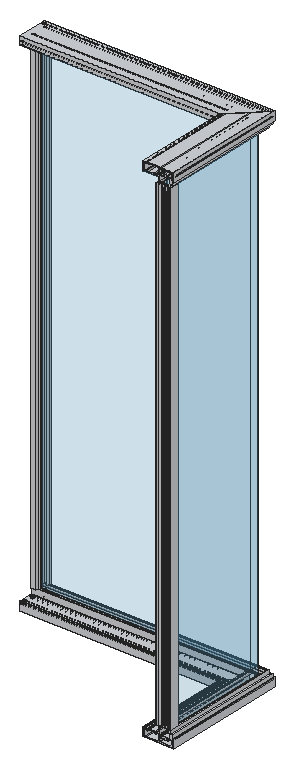
Revit family "Edge F Corner", category Windows, host Wall, Revit 2019 (continued)
Definition of nested family "Jamb"
  Automatic sketch dimensions
    Extrusion 1 sketch curve to Extrusion 1 sketch curve = 0' - 0.155"
    Extrusion 1 sketch curve to Extrusion 1 sketch curve = 0' - 0 1/4"
    Extrusion 1 sketch curve to Extrusion 1 sketch curve = 0' - 0.01689"
    Extrusion 1 sketch curve to Extrusion 1 sketch curve = 0' - 0.01311"
    Extrusion 1 sketch curve to Extrusion 1 sketch curve = 0' - 0.08201"
    Extrusion 1 sketch curve to Extrusion 1 sketch curve = 0' - 0.10549"
    Extrusion 1 sketch curve to Extrusion 1 sketch curve = 0' - 0.09391"
    Extrusion 1 sketch curve to Extrusion 1 sketch curve = 0' - 0.06234"
    Extrusion 1 sketch curve to Extrusion 1 sketch curve = 0' - 0.01438"
    Extrusion 1 sketch curve to Extrusion 1 sketch curve = 0' - 0.2825"
    Extrusion 1 sketch curve to Extrusion 1 sketch curve = 0' - 0.02164"  (x2)
    Extrusion 1 sketch curve to Extrusion 1 sketch curve = 0' - 0"  (x4)
    plane 1 "Center (Front/Back)" to Filled region 1 sketch curve = 4' - 4.94511"
    Filled region 1 sketch curve to plane 3 "Center (Left/Right)" = 37' - 4.69826"
    Filled region 1 sketch curve to Filled region 1 sketch curve = 0' - 0.04969"  (x3)
    Filled region 1 sketch curve to Filled region 1 sketch curve = 0' - 0.15161"  (x2)
    plane 1 "Center (Front/Back)" to Filled region 1 sketch curve = 4' - 4.86431"  (x2)
    Filled region 1 sketch curve to Filled region 1 sketch curve = 0' - 0.04419"  (x6)
    plane 1 "Center (Front/Back)" to Filled region 1 sketch curve = 4' - 4.77592"  (x2)
    Filled region 1 sketch curve to Filled region 1 sketch curve = 0' - 0.08839"  (x2)
    Filled region 1 sketch curve to Filled region 1 sketch curve = 0' - 0.03661"  (x2)
    Filled region 1 sketch curve to Filled region 1 sketch curve = 0' - 0 3/16"  (x4)
    Filled region 1 sketch curve to Filled region 1 sketch curve = 0' - 0"  (x2)
    Filled region 1 sketch curve to Filled region 1 sketch curve = 0' - 0.14331"  (x2)
    Filled region 1 sketch curve to Filled region 1 sketch curve = 0' - 1 1/2"
    Filled region 1 sketch curve to Filled region 1 sketch curve = 0' - 0.25035"
    Filled region 1 sketch curve to Filled region 1 sketch curve = 0' - 0 1/16"
    plane 1 "Center (Front/Back)" to Filled region 2 sketch curve = 4' - 5.00761"
    Filled region 2 sketch curve to plane 3 "Center (Left/Right)" = 37' - 4.28357"
    Filled region 2 sketch curve to Filled region 2 sketch curve = 0' - 0 3/4"
    Filled region 2 sketch curve to Filled region 2 sketch curve = 0' - 0 1/4"
    plane 1 "Center (Front/Back)" to Filled region 3 sketch curve = 3' - 5.331"
    Filled region 3 sketch curve to plane 3 "Center (Left/Right)" = 37' - 8.3949"
    Filled region 3 sketch curve to Filled region 3 sketch curve = 0' - 1 1/4"
    Filled region 3 sketch curve to Filled region 3 sketch curve = 0' - 0.1525"
    Filled region 3 sketch curve to Filled region 3 sketch curve = 0' - 0.345"
    Filled region 3 sketch curve to Filled region 3 sketch curve = 0' - 0.03"
    Filled region 3 sketch curve to Filled region 3 sketch curve = 0' - 0.5325"
    Filled region 3 sketch curve to Filled region 3 sketch curve = 0' - 0 1/2"
    Filled region 3 sketch curve to Filled region 3 sketch curve = 0' - 1.5275"
    plane 1 "Center (Front/Back)" to Filled region 4 sketch curve = 3' - 1.706"
    Filled region 4 sketch curve to plane 3 "Center (Left/Right)" = 37' - 8.3949"
    Filled region 4 sketch curve to Filled region 4 sketch curve = 0' - 1.4025"
    Filled region 4 sketch curve to Filled region 4 sketch curve = 0' - 0.29179"
    Filled region 4 sketch curve to Filled region 4 sketch curve = 0' - 0"
    Filled region 4 sketch curve to Filled region 4 sketch curve = 0' - 0.03321"  (x3)
    plane 1 "Center (Front/Back)" to Filled region 4 sketch curve = 3' - 1.15815"
    Filled region 4 sketch curve to Filled region 4 sketch curve = 0' - 0.03536"
    plane 1 "Center (Front/Back)" to Filled region 4 sketch curve = 3' - 1.19136"
    Filled region 4 sketch curve to Filled region 4 sketch curve = 0' - 0.05"
    Filled region 4 sketch curve to Filled region 4 sketch curve = 0' - 1 15/16"
    plane 1 "Center (Front/Back)" to Filled region 5 sketch curve = 3' - 5.331"
    Filled region 5 sketch curve to plane 3 "Center (Left/Right)" = 37' - 4.4924"
    Filled region 5 sketch curve to Filled region 5 sketch curve = 0' - 2.6525"
    Filled region 5 sketch curve to Filled region 5 sketch curve = 0' - 1 3/4"
    Filled region 5 sketch curve to Filled region 5 sketch curve = 0' - 1"
    Filled region 5 sketch curve to Filled region 5 sketch curve = 0' - 1.59"
    plane 1 "Center (Front/Back)" to Filled region 6 sketch curve = 3' - 5.331"
    Filled region 6 sketch curve to plane 3 "Center (Left/Right)" = 36' - 9.59816"
    Filled region 6 sketch curve to Filled region 6 sketch curve = 0' - 1 1/8"
    Filled region 6 sketch curve to Filled region 6 sketch curve = 0' - 0.1525"
    Filled region 6 sketch curve to Filled region 6 sketch curve = 0' - 0.345"
    Filled region 6 sketch curve to Filled region 6 sketch curve = 0' - 0"
    plane 1 "Center (Front/Back)" to Filled region 6 sketch curve = 3' - 5.8635"
    Filled region 6 sketch curve to Filled region 6 sketch curve = 0' - 0.03"  (x2)
    Filled region 6 sketch curve to Filled region 6 sketch curve = 0' - 0 1/2"
    Filled region 6 sketch curve to Filled region 6 sketch curve = 0' - 0.6525"
    plane 1 "Center (Front/Back)" to Filled region 7 sketch curve = 2' - 11.206"
    Filled region 7 sketch curve to plane 3 "Center (Left/Right)" = 36' - 9.59816"
    Filled region 7 sketch curve to Filled region 7 sketch curve = 0' - 1.2775"
    Filled region 7 sketch curve to Filled region 7 sketch curve = 0' - 0.345"
    Filled region 7 sketch curve to Filled region 7 sketch curve = 0' - 0.03"
    Filled region 7 sketch curve to Filled region 7 sketch curve = 0' - 1 15/16"
    Filled region 7 sketch curve to Filled region 7 sketch curve = 0' - 0.5325"
    plane 1 "Center (Front/Back)" to Filled region 8 sketch curve = 3' - 6.331"
    Filled region 8 sketch curve to plane 3 "Center (Left/Right)" = 35' - 9.82066"
    Filled region 8 sketch curve to Filled region 8 sketch curve = 0' - 0.1525"
    Filled region 8 sketch curve to Filled region 8 sketch curve = 0' - 1.9025"
    Filled region 8 sketch curve to Filled region 8 sketch curve = 0' - 0"  (x2)
    Filled region 8 sketch curve to Filled region 8 sketch curve = 0' - 0 13/16"
    Filled region 8 sketch curve to Filled region 8 sketch curve = 0' - 0.7775"
    plane 1 "Center (Front/Back)" to Filled region 9 sketch curve = 3' - 0.706"
    Filled region 9 sketch curve to plane 3 "Center (Left/Right)" = 35' - 9.82066"
    Filled region 9 sketch curve to Filled region 9 sketch curve = 0' - 1.9025"
    Filled region 9 sketch curve to Filled region 9 sketch curve = 0' - 0"
    Filled region 9 sketch curve to Filled region 9 sketch curve = 0' - 1 1/2"
    plane 1 "Center (Front/Back)" to Filled region 10 sketch curve = 3' - 5.331"
    Filled region 10 sketch curve to plane 3 "Center (Left/Right)" = 36' - 5.82066"
    Filled region 10 sketch curve to Filled region 10 sketch curve = 0' - 0.1525"
    Filled region 10 sketch curve to Filled region 10 sketch curve = 0' - 1.9025"
    Filled region 10 sketch curve to Filled region 10 sketch curve = 0' - 0"
    Filled region 10 sketch curve to Filled region 10 sketch curve = 0' - 1 1/16"
    Filled region 10 sketch curve to Filled region 10 sketch curve = 0' - 1.5275"
    plane 1 "Center (Front/Back)" to Filled region 11 sketch curve = 3' - 1.706"
    Filled region 11 sketch curve to plane 3 "Center (Left/Right)" = 36' - 5.82066"
    plane 1 "Center (Front/Back)" to Filled region 11 sketch curve = 2' - 11.206"
    Filled region 11 sketch curve to Filled region 11 sketch curve = 0' - 0"
    Filled region 11 sketch curve to Filled region 11 sketch curve = 0' - 1.9025"
    plane 1 "Center (Front/Back)" to Filled region 12 sketch curve = 3' - 0.706"
    Filled region 12 sketch curve to plane 3 "Center (Left/Right)" = 37' - 4.4924"
    Filled region 12 sketch curve to Filled region 12 sketch curve = 0' - 2 1/2"
    Filled region 12 sketch curve to Filled region 12 sketch curve = 0' - 1.9025"
    Filled region 12 sketch curve to Filled region 12 sketch curve = 0' - 1"
    Filled region 12 sketch curve to Filled region 12 sketch curve = 0' - 1 1/2"
    plane 1 "Center (Front/Back)" to Filled region 13 sketch curve = 4' - 2.19511"
    Filled region 13 sketch curve to plane 3 "Center (Left/Right)" = 37' - 0.78356"
    Filled region 13 sketch curve to Filled region 13 sketch curve = 0' - 1 1/2"
    Filled region 13 sketch curve to Filled region 13 sketch curve = 0' - 2 1/2"
    plane 1 "Center (Front/Back)" to Filled region 14 sketch curve = 4' - 2.19511"
    Filled region 14 sketch curve to plane 3 "Center (Left/Right)" = 37' - 8.53357"
    Filled region 14 sketch curve to Filled region 14 sketch curve = 0' - 1 1/2"
    Filled region 14 sketch curve to Filled region 14 sketch curve = 0' - 2 1/2"
    plane 1 "Center (Front/Back)" to Filled region 15 sketch curve = 4' - 2.79261"
    Filled region 15 sketch curve to plane 3 "Center (Left/Right)" = 35' - 8.78356"
    Filled region 15 sketch curve to Filled region 15 sketch curve = 0' - 1 1/2"
    Filled region 15 sketch curve to Filled region 15 sketch curve = 0' - 1.9025"
    plane 1 "Center (Front/Back)" to Filled region 16 sketch curve = 4' - 2.79261"
    Filled region 16 sketch curve to plane 3 "Center (Left/Right)" = 36' - 4.53357"
    Filled region 16 sketch curve to Filled region 16 sketch curve = 0' - 1 1/2"
    Filled region 16 sketch curve to Filled region 16 sketch curve = 0' - 1.9025"
    plane 1 "Center (Front/Back)" to Filled region 17 sketch curve = 4' - 5.00761"
    Filled region 17 sketch curve to plane 3 "Center (Left/Right)" = 36' - 0.09607"
    Filled region 17 sketch curve to Filled region 17 sketch curve = 0' - 0 3/16"  (x3)
    Filled region 17 sketch curve to Filled region 17 sketch curve = 0' - 1 1/2"
    Filled region 17 sketch curve to Filled region 17 sketch curve = 0' - 0.27004"
    Filled region 17 sketch curve to Filled region 17 sketch curve = 0' - 0 1/4"
    plane 1 "Center (Front/Back)" to Filled region 18 sketch curve = 3' - 6.6435"
    Filled region 18 sketch curve to plane 3 "Center (Left/Right)" = 37' - 6.2424"
    Filled region 18 sketch curve to Filled region 18 sketch curve = 0' - 1 3/8"
    Filled region 18 sketch curve to Filled region 18 sketch curve = 0' - 0 3/4"
    plane 1 "Center (Front/Back)" to Filled region 19 sketch curve = 3' - 6.6435"
    Filled region 19 sketch curve to plane 3 "Center (Left/Right)" = 36' - 7.57066"
    Filled region 19 sketch curve to Filled region 19 sketch curve = 0' - 1 3/8"
    Filled region 19 sketch curve to Filled region 19 sketch curve = 0' - 0 3/4"
    plane 1 "Center (Front/Back)" to Filled region 20 sketch curve = 3' - 7.2685"
    Filled region 20 sketch curve to plane 3 "Center (Left/Right)" = 35' - 11.57066"
    Filled region 20 sketch curve to Filled region 20 sketch curve = 0' - 1 3/8"
    Filled region 20 sketch curve to Filled region 20 sketch curve = 0' - 0 3/8"
Types (2): name | Width 2 Fin Void (If Needed) | Width 2 | NFW 2 | Panel Length 2 | Panel Length | NFW | Width Fin Void (If Needed) | Jamb 2 | Jamb | Height | Fin At Jamb 2 | Fin At Jamb | Width
  OVO (JAMBS) | 0' - 0 1/32" | 1' - 6" | 1' - 9 27/32" | 1' - 7" | 3' - 1" | 3' - 3 27/32" | 0' - 0 1/32" | yes | yes | 7' - 0" | no | no | 3' - 0"
  OVO (FINS AT JAMBS) | 0' - 1 5/8" | 4' - 0" | 4' - 3 27/32" | 4' - 1" | 4' - 1" | 4' - 3 27/32" | 0' - 1 5/8" | no | no | 8' - 0" | yes | yes | 4' - 0"
